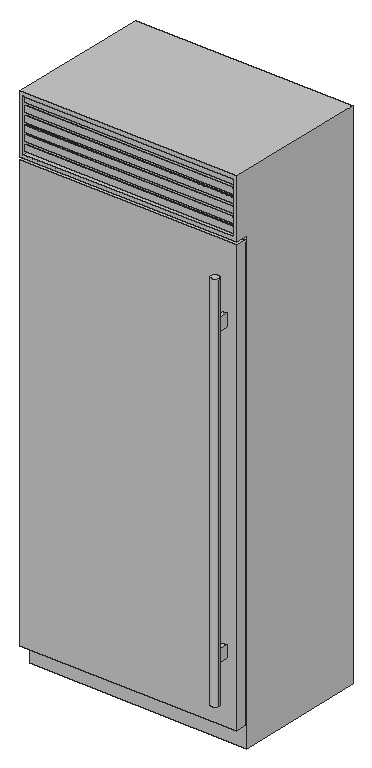
Revit family "M_Congelador-Porta aço inoxidável", category Equipamento especial, Revit 2019
Family settings
  Cota do conector redondo = Utilizar diâmetro
  Tipo de parte = Normal
  Número OmniClass = 23.40.40.14
  Título OmniClass = Food Service Equipment
  Com base no plano de trabalho = Não
  Sempre na vertical = Sim
  Corte com vazios quando carregada = Não
  Compartilhado = Não
  Ponto de cálculo do ambiente = Não
Parameters (values of type "900mm LH")
  Largura = 900 mm
  Deslocamento de parede = 100 mm
  Voltagem = 120 V
  Type Comments = ""
  Mostrar legenda = yes
  RH = no
  Consumo de energia = 1000 VA
  Legenda = "Congelador"
  LH = not(RH)  # yes
  Altura = 2150 mm
  Linha de centro do puxador = if(RH, 50 mm, (Largura - 50 mm))  # 850 mm
  Junta = Eletrodoméstico – Junta
  Descrição = "Congelador com porta em aço inoxidável"
  Linear = 600 mm
  Código de montagem = "E1090320"
  Acabamento do eletrodoméstico = Eletrodoméstico – Aço inoxidável
  Amperagem = Consumo de energia / Voltagem  # 8.33333 A
Types (2, lengths in mm): name | RH | LH | Linha de centro do puxador
  900mm LH | no | yes | 850
  900mm RH | yes | no | 50
Reference planes
  plane 1 "Parte posterior": y = 0
  plane 2: z = 0
  plane 3 "Centro (Esquerda/Direita)": x = 0
  plane 4 "Esquerda": x = -450
  plane 5 "Direita": x = 450
  plane 6: y = -100
  plane 7 "Parte frontal": y = -700
  plane 8 "Traseira da porta": y = -649.2
  plane 9 "Superior": z = 2150
  plane 10 "Porta B.O.": z = 88.9
  plane 11: z = 1905.525
  plane 12: x = 400
  plane 13: z = 1778.525
  plane 14: z = 190.5
Forms (mm)
  Extrusion 1, solid, material "Eletrodoméstico – Aço inoxidável" <- "Acabamento do eletrodoméstico"
    sketch origin (0, 0, 0) x (1, 0, 0) y (0, 1, 0)
      loop
        line (-450, -100) -> (-450, -649.2) -> (450, -649.2) -> (450, -100) -> (-450, -100)
    from 0 to 2150
  Extrusion 2, solid, material "Eletrodoméstico – Aço inoxidável" <- "Acabamento do eletrodoméstico"
    sketch origin (0, -700, 0) x (-1, 0, 0) y (0, 0, 1)
      loop
        line (450, 2150) -> (-450, 2150) -> (-450, 1905.525) -> (450, 1905.525) -> (450, 2150)
      loop
        line (437.3, 2137.3) -> (-437.3, 2137.3) -> (-437.3, 1918.225) -> (437.3, 1918.225) -> (437.3, 2137.3)
    from 0 to 50.8
  Extrusion 3, solid, material "Eletrodoméstico – Aço inoxidável" <- "Acabamento do eletrodoméstico"
    sketch origin (0, 0, 0) x (0, 1, 0) y (0, 0, 1)
      loop
        line (-649.2, 1921.627) -> (-693.65, 1933.537) -> (-693.65, 1956.386) -> (-696.825, 1956.386) -> (-696.825, 1930.986) -> (-649.2, 1918.225) -> (-649.2, 1921.627)
      loop
        line (-649.2, 1957.809) -> (-693.65, 1969.72) -> (-693.65, 1992.569) -> (-696.825, 1992.569) -> (-696.825, 1967.169) -> (-649.2, 1954.408) -> (-649.2, 1957.809)
      loop
        line (-649.2, 1993.992) -> (-693.65, 2005.902) -> (-693.65, 2028.752) -> (-696.825, 2028.752) -> (-696.825, 2003.352) -> (-649.2, 1990.591) -> (-649.2, 1993.992)
      loop
        line (-649.2, 2030.175) -> (-693.65, 2042.085) -> (-693.65, 2064.934) -> (-696.825, 2064.934) -> (-696.825, 2039.534) -> (-649.2, 2026.773) -> (-649.2, 2030.175)
      loop
        line (-649.2, 2066.358) -> (-693.65, 2078.268) -> (-693.65, 2101.117) -> (-696.825, 2101.117) -> (-696.825, 2075.717) -> (-649.2, 2062.956) -> (-649.2, 2066.358)
      loop
        line (-649.2, 2102.54) -> (-693.65, 2114.451) -> (-693.65, 2137.3) -> (-696.825, 2137.3) -> (-696.825, 2111.9) -> (-649.2, 2099.139) -> (-649.2, 2102.54)
    from -437.3 to 437.3
  Extrusion 4, solid, material "Eletrodoméstico – Aço inoxidável" <- "Acabamento do eletrodoméstico", detail levels fine
    sketch origin (0, -700, 0) x (-1, 0, 0) y (0, 0, 1)
      loop
        line (-390.475, 1626.125) -> (-409.525, 1626.125) -> (-409.525, 1575.325) -> (-390.475, 1575.325) -> (-390.475, 1626.125)
      loop
        line (-390.475, 393.7) -> (-409.525, 393.7) -> (-409.525, 342.9) -> (-390.475, 342.9) -> (-390.475, 393.7)
    from -42.559 to 0
  Extrusion 5, solid, material "Eletrodoméstico – Aço inoxidável" <- "Acabamento do eletrodoméstico", detail levels fine
    sketch origin (0, 0, 0) x (1, 0, 0) y (0, 1, 0)
      loop
        circle (400, -751.174) r 15.875
    from 190.5 to 1778.525
  Extrusion 6, solid, material "Eletrodoméstico – Aço inoxidável" <- "Acabamento do eletrodoméstico"
    sketch origin (0, -700, 0) x (-1, 0, 0) y (0, 0, 1)
      loop
        line (450, 1892.825) -> (-450, 1892.825) -> (-450, 88.9) -> (450, 88.9) -> (450, 1892.825)
    from 0 to 44.45
  Sweep 7, solid, material "Eletrodoméstico – Junta" <- "Junta", detail levels fine
    path in 3D
      loop
        line (-450, -700, 1892.825) -> (-450, -700, 88.9) -> (450, -700, 88.9) -> (450, -700, 1892.825) -> (-450, -700, 1892.825)
    profile origin (0, -700, 1892.825) x (0, -1, 0) y (0, 0, 1)
      loop
        line (-50.8, -3.175) -> (-50.8, -6.35) -> (-44.45, -6.35) -> (-44.45, -3.175)
        arc (-44.45, -3.175) -> (-47.625, 0) -> (-50.8, -3.175) r 3.175
Cuts and joins
  joined: Extrusion 1, Extrusion 2
  joined: Extrusion 4, Extrusion 5
Lines and regions (mm)
  Split face 1
    outline origin (-450, -100, 0) x (1, 0, 0) y (0, 0, -1)
      loop
        circle (747.6, -1997.6) r 50.8
  Split face 2
    outline origin (-450, -100, 0) x (1, 0, 0) y (0, 0, -1)
      loop
        circle (450, -88.9) r 50.8
  Masking region 1
    outline origin (0, 0, 0) x (1, 0, 0) y (0, 1, 0)
      loop
        line (-450, -100) -> (-450, -700) -> (450, -700) -> (450, -100) -> (-450, -100)
  Masking region 2, detail levels fine
    outline origin (0, 0, 0) x (1, 0, 0) y (0, 1, 0)
      loop
        line (409.525, -738.474) -> (409.525, -700) -> (390.475, -700) -> (390.475, -738.474)
        arc (390.475, -738.474) -> (385.801, -744.075) -> (384.125, -751.174) r 15.875
        arc (384.125, -751.174) -> (400, -767.049) -> (415.875, -751.174) r 15.875
        arc (415.875, -751.174) -> (414.199, -744.075) -> (409.525, -738.474) r 15.875
  symbolic lines, style "Eletrodomésticos – Giro da planta", visible <- "LH", detail levels medium+fine
    curve 1: arc (450, -700, 0) -> (186.396, -1336.396, 0) -> (-450, -1600, 0) r 900
    curve 2: line (-450, -700, 0) -> (-450, -1600, 0)
  symbolic lines, style "Eletrodomésticos – Giro da planta", visible <- "RH", detail levels medium+fine
    curve 3: arc (-450, -700, 0) -> (-186.396, -1336.396, 0) -> (450, -1600, 0) r 900
    curve 4: line (450, -1600, 0) -> (450, -700, 0)
  sketch lines
    curve 5: line (450, -700, 1892.825) -> (-450, -700, 1892.825)
    curve 6: line (450, -700, 88.9) -> (450, -700, 1892.825)
    curve 7: line (-450, -700, 88.9) -> (450, -700, 88.9)
    curve 8: line (-450, -700, 1892.825) -> (-450, -700, 88.9)
  symbolic lines, style "Eletrodomésticos"
    curve 9: line (-450, -100, 0) -> (450, -100, 0)
    curve 10: line (-450, -700, 0) -> (-450, -100, 0)
    curve 11: line (450, -700, 0) -> (-450, -700, 0)
    curve 12: line (450, -100, 0) -> (450, -700, 0)
    curve 13: line (-450, -649.2, 0) -> (450, -649.2, 0)
  symbolic lines, style "Eletrodomésticos", detail levels fine
    curve 14: arc (415.875, -751.174, 0) -> (400, -735.299, 0) -> (384.125, -751.174, 0) r 15.875
    curve 15: arc (384.125, -751.174, 0) -> (400, -767.049, 0) -> (415.875, -751.174, 0) r 15.875
    curve 16: line (409.525, -738.474, 0) -> (409.525, -700, 0)
    curve 17: line (390.475, -700, 0) -> (390.475, -738.474, 0)
Dimensions and locks
  equal spacing: plane 4 "Esquerda", plane 3 "Centro (Esquerda/Direita)", plane 5 "Direita"
  "Largura": plane 4 "Esquerda" to plane 5 "Direita"
  "Linear": plane 6 to plane 7 "Parte frontal"
  "Deslocamento de parede": plane 1 "Parte posterior" to plane 6
  "Altura": plane 9 "Superior" to level
  plane 10 "Porta B.O." to level = 88.9 mm
  locked: plane 8 "Traseira da porta" to plane 7 "Parte frontal" at 50.8
  locked: plane 9 "Superior" to plane 11 at 244.475
  locked: cut or joined group of Extrusion 1, Extrusion 2 to plane 4 "Esquerda" at 12.7
  locked: plane 5 "Direita" to cut or joined group of Extrusion 1, Extrusion 2 at 12.7
  locked: plane 11 to plane 13 at 127
  plane 14 to plane 10 "Porta B.O." = 101.6 mm
  Extrusion 4 sketch curve to plane 12 to Extrusion 4 sketch curve = 9.525 mm locked, 9.525 mm locked  (x2)
  plane 13 to Extrusion 4 sketch curve to Extrusion 4 sketch curve = 152.4 mm locked, 50.8 mm locked
  Extrusion 4 sketch curve to Extrusion 4 sketch curve to plane 14 = 50.8 mm locked, 152.4 mm locked
  locked: plane 7 "Parte frontal" to Extrusion 5 sketch curve at 51.174
  locked: Split face 1 sketch curve to plane 9 "Superior" at 152.4
  locked: plane 5 "Direita" to Split face 1 sketch curve at 152.4
  "Linha de centro do puxador": plane 4 "Esquerda" to plane 12
  locked: plane 11 to Extrusion 6 sketch curve at 12.7
  locked: plane 11 to Sweep 7 sketch curve at 19.05
  equal spacing: plane 6, nested 1, plane 8 "Traseira da porta"
  "Largura": radius of curve 3
  "Largura": radius of curve 1
  aligned and locked: plane 2 to level
  aligned and locked: Extrusion 1 sketch curve to plane 6
  aligned and locked: plane 4 "Esquerda" to Extrusion 1 sketch curve
  aligned and locked: plane 8 "Traseira da porta" to Extrusion 1 sketch curve
  aligned and locked: Extrusion 1 sketch curve to plane 5 "Direita"
  aligned and locked: plane 9 "Superior" to Extrusion 1
  aligned and locked: Extrusion 2 sketch curve to Extrusion 1  (x2)
  aligned and locked: plane 11 to Extrusion 2 sketch curve
  aligned and locked: Extrusion 2 sketch curve to plane 5 "Direita"
  aligned and locked: plane 8 "Traseira da porta" to Extrusion 2
  aligned and locked: Extrusion 3 to Extrusion 2  (x2)
  aligned and locked: plane 7 "Parte frontal" to Extrusion 4
  aligned and locked: plane 12 to Extrusion 5 sketch curve
  aligned and locked: Extrusion 5 to plane 14
  aligned and locked: plane 13 to Extrusion 5
  aligned and locked: plane 3 "Centro (Esquerda/Direita)" to Split face 2 sketch curve
  aligned and locked: plane 10 "Porta B.O." to Split face 2 sketch curve
  aligned and locked: plane 13 to cut or joined group of Extrusion 4, Extrusion 5
  aligned and locked: plane 4 "Esquerda" to Extrusion 6 sketch curve
  aligned and locked: Extrusion 6 sketch curve to plane 5 "Direita"
  aligned and locked: plane 10 "Porta B.O." to Extrusion 6 sketch curve
  aligned and locked: plane 3 "Centro (Esquerda/Direita)" to nested 1
  aligned and locked: Masking region 1 sketch curve to plane 5 "Direita"
  aligned and locked: Masking region 1 sketch curve to plane 6
  aligned and locked: plane 4 "Esquerda" to Masking region 1 sketch curve
  aligned and locked: plane 7 "Parte frontal" to Masking region 1 sketch curve
  aligned and locked: Masking region 2 sketch curve to cut or joined group of Extrusion 4, Extrusion 5  (x5)
  aligned and locked: Masking region 2 sketch curve to plane 7 "Parte frontal"
Automatic sketch dimensions
  Extrusion 2 sketch curve to plane 5 "Direita" = 12.7 mm
  plane 4 "Esquerda" to Extrusion 2 sketch curve = 12.7 mm
  plane 11 to Extrusion 2 sketch curve = 12.7 mm
  Extrusion 2 sketch curve to plane 9 "Superior" = 12.7 mm
  Extrusion 3 sketch curve to plane 8 "Traseira da porta" = 0 mm  (x6)
  plane 7 "Parte frontal" to Extrusion 3 sketch curve = 6.35 mm  (x6)
  Extrusion 3 sketch curve to Extrusion 3 sketch curve = 3.175 mm  (x2)
  plane 7 "Parte frontal" to Extrusion 3 sketch curve = 3.175 mm  (x4)
  plane 11 to Extrusion 3 sketch curve = 12.7 mm
  Extrusion 3 sketch curve to Extrusion 3 sketch curve = 3.402 mm  (x6)
  plane 11 to Extrusion 3 sketch curve = 25.461 mm
  Extrusion 3 sketch curve to Extrusion 3 sketch curve = 2.551 mm  (x6)
  Extrusion 3 sketch curve to Extrusion 3 sketch curve = 32.781 mm  (x5)
  Extrusion 3 sketch curve to Extrusion 3 sketch curve = 22.849 mm  (x5)
  Extrusion 3 sketch curve to Extrusion 3 sketch curve = 10.783 mm  (x5)
  Extrusion 3 sketch curve to plane 9 "Superior" = 12.7 mm
  Sweep 7 sketch curve to Sweep 7 sketch curve = 3.175 mm
  Sweep 7 sketch curve to profile plane = 3.175 mm
  profile plane to Sweep 7 sketch curve = 50.8 mm
  curve 1 to plane 4 "Esquerda" = 0 mm
  curve 17 to plane 7 "Parte frontal" = 0 mm
  curve 15 to plane 12 = 0 mm
  curve 13 to plane 8 "Traseira da porta" = 0 mm
  curve 9 to plane 6 = 0 mm
  curve 15 to plane 7 "Parte frontal" = 51.174 mm
  curve 15 to plane 12 = 15.875 mm
  curve 17 to plane 12 = 9.525 mm
  plane 12 to curve 16 = 9.525 mm
  radius of Extrusion 5 sketch curve = 15.875 mm
  radius of Split face 1 sketch curve = 50.8 mm
  radius of Split face 2 sketch curve = 50.8 mm
Nested families
  nested 1: "Anotação de legenda de 2,5" at (0, -374.6, 0), visible <- "Mostrar legenda", type "Anotação de legenda de 2,5"
Connectors
  electrical at (297.6, -100, 1997.6), driven by "Voltagem", driven by "Consumo de energia"
    settings: on Extrusion 1, index 1, voltage 120 V, apparent load 1000 VA, apparent load phase1 0 VA, apparent load phase2 0 VA, apparent load phase3 0 VA, power factor 1, load classification "Eletrodoméstico", number of poles 1, system type 30, power factor state 1, is connector primary yes, connector utility no, sub classification motor no, connector description "Potência do refrigerador"
  piping at (0, -100, 88.9), diameter 6.35
    settings: on Extrusion 1, index 2, connector inside diameter 609.6 mm, connector length 0 mm, flow factor 0, pipe flow 0.0 L/s, pressure drop 0.0 Pa, fitting loss kfactor 0, connector angle 0.00°, fixture units 1, engagement length 0 mm, angle of deflection 0.00°, flow configuration 3, flow direction 1, fitting loss method 0, system type 20, joint type 0, gender type 0, connector reference index -1, connector utility 0, adjustable connector no, is connector primary yes, connector description "Gelo – Suprimento de água"
Definition of nested family "Anotação de legenda de 2,5"
  Parameters
    Legenda = "Congelador 36 LH"
  Reference planes
    plane 1: y = 0
    plane 2: x = 0
  Text (mm)
    label "Legenda" at (0.095, -0.088, 0), shows "Legenda"
